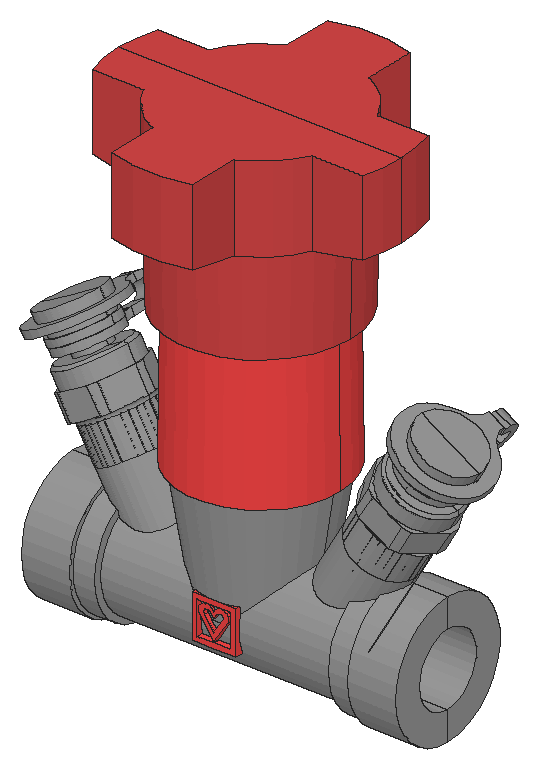
Revit family "Strangregulierventil mit Messventilen 4217 GN", category Rohrzubehör, Revit 2021
Family settings
  Bemaßung runder Anschluss = Durchmesser verwenden
  Teiletyp = Unterbricht
  OmniClass-Nummer = 23.65.55.14
  OmniClass-Titel = Valves for Liquid Services
  Arbeitsebenenbasiert = Nein
  Immer vertikal = Ja
  Beim Laden mit Abzugskörper schneiden = Nein
  Gemeinsam genutzt = Nein
Parameters
  kvs-Wert [instance] = if(Nennweite = 15.00 mm, 1.14, if(Nennweite = 20.00 mm, 2.38, if(Nennweite = 25.00 mm, 5.24, if(Nennweite = 32.00 mm, 8.6, if(Nennweite = 40.00 mm, 10.49, if(Nennweite = 50.00 mm, 16.78, 0))))))  # 1.14
  W02 = 60.00°  # constant formula
  W01 = 30.00°  # constant formula
  Vorgabe-Ansicht = 0.00 mm
  URL = "www.herz-armaturen.at"
  Spindelabdichtung = "Doppel-O-Ring aus EPDM"  # constant formula
  Spindel = "Messing CW617N"  # constant formula
  SC_NennweiteBerechnet = 0
  SC_Dimension = ""
  SCRNSEQ = "ARM;ARM_TYP=\"STRV\";2"
  SCRNCODE = "05;07;02"  # constant formula
  S02 = 60.00 mm  # constant formula
  S01 [instance] = DN15_DN50  # 92.00 mm
  R01 [instance] = size_lookup("4217_GN_", "R1", 1.00 mm, Nennweite)  # 11.35 mm
  Nennweite [instance] = 15.00 mm
  Medium = "Heizwasserqualität entsprechend ÖNORM H 5195 bzw. VDI-Richtlinie 2035.\r\nDie Verwendung von Ethylen- und Propylenglykol ist im Mischungsverhältnis 25 - 50 Vol. % zulässig."
  Max. Betriebstemperatur (bis DN32) = 130 °C  # constant formula
  Max. Betriebstemperatur (ab DN40) = 110 °C  # constant formula
  Max. Betriebsdruck = 2500000.0 Pa  # constant formula
  ML02 [instance] = size_lookup("4217_GN_", "ML2", 1.00 mm, Nennweite)  # 29.70 mm
  ML01 [instance] = size_lookup("4217_GN_", "ML1", 1.00 mm, Nennweite)  # 15.15 mm
  MD01 = 7.40 mm  # constant formula
  L02 [instance] = size_lookup("4217_GN_", "L2", 1.00 mm, Nennweite)  # 10.00 mm
  L01 [instance] = size_lookup("4217_GN_", "L1", 1.00 mm, Nennweite)  # 14.70 mm
  L00 [instance] = size_lookup("4217_GN_", "L", 1.00 mm, Nennweite)  # 78.00 mm
  Innengewinde = "gem. ISO 7/1"  # constant formula
  IG [instance] = Nennweite / 2  # 7.50 mm
  Hersteller = "HERZ Armaturen Ges.m.b.H."  # constant formula
  Handrad = "Polyamid, rot"  # constant formula
  H01 = 41.50 mm  # constant formula
  H00 [instance] = size_lookup("4217_GN_", "H", 1.00 mm, Nennweite)  # 25.40 mm
  Gewicht [instance] = if(Nennweite = 15.00 mm, "0.50 kg", if(Nennweite = 20.00 mm, "0.58 kg", if(Nennweite = 25.00 mm, "0.81 kg", if(Nennweite = 32.00 mm, "1.2 kg", if(Nennweite = 40.00 mm, "1.37 kg", if(Nennweite = 50.00 mm, "2.06 kg", "0 kg"))))))  # "0.50 kg"
  Gehäuse = "Messing CW602N"  # constant formula
  GT [instance] = size_lookup("4217_GN_", "GT", 1.00 mm, Nennweite)  # 13.20 mm
  Einbaulage = "Bedingt durch die senkrecht zur Ventilachse angeordnete, nichtsteigende Ventilspindel ist für jede Einbaulage optimale Zugängigkeit und Bedienbarkeit des Ventils gewährleistet."
  Differenzdruckmessung = "STRÖMAX-GN Strangregulierventil ist mit zwei Messventilen ausgestattet.\r\nBei Verwendung eines geeigneten Messgerätes kann der Differenzdruck gemessen und dadurch die jeweilige Durchflussmenge in Abhängigkeit der Einstellstufe ermittelt werden.\r\nAm HERZ-Messcomputer (1 8900 05) ist außerdem direkt die jeweilige Durchflussmenge ablesbar (siehe Gerätehandbuch)."
  DN50 [instance] = Nennweite = 50.00 mm  # no
  DN40 [instance] = Nennweite = 40.00 mm  # no
  DN32 [instance] = Nennweite = 32.00 mm  # no
  DN25 [instance] = Nennweite = 25.00 mm  # no
  DN20 [instance] = Nennweite = 20.00 mm  # no
  DN15_DN50 [instance] = if(Nennweite = 15.00 mm, 92.00 mm, if(Nennweite = 20.00 mm, 95.00 mm, if(Nennweite = 25.00 mm, 102.00 mm, if(Nennweite = 32.00 mm, 114.00 mm, if(Nennweite = 40.00 mm, 114.00 mm, if(Nennweite = 50.00 mm, 119.00 mm, 0.00 mm))))))  # 92.00 mm
  DN15 [instance] = Nennweite = 15.00 mm  # yes
  D05 = 16.75 mm  # constant formula
  D04 = 16.25 mm  # constant formula
  D03 [instance] = size_lookup("4217_GN_", "D3", 1.00 mm, Nennweite)  # 15.50 mm
  D02 [instance] = size_lookup("4217_GN_", "D2", 1.00 mm, Nennweite)  # 13.50 mm
  D01 [instance] = size_lookup("4217_GN_", "D1", 1.00 mm, Nennweite)  # 12.70 mm
  Bestellnummer [instance] = size_lookup("4217_GN_", "Artnr", 0, Nennweite)  # 1421771
  Ausführung = "STRÖMAX-GN Strangregulierventil mit Messventilen, 1/2′′ – 2′′, mit gleichprozentiger Kennlinie.\r\nGeradesitzform, gelbe Ausführung, Muffe x Muffe, nichtsteigende Spindel, Spindelabdichtung mit Doppel-O-Ring, Voreinstellung durch Hubbegrenzung mittels Innenspindel, Anzeige der Voreinstellstufe am Handradschaft.\r\n2 Messventile sind neben dem Handrad montiert."
  Anwendungen = "Zum hydraulischen Abgleich in Heiz- oder Kühlanlagen, Einregulieren von Verteilleitungen, Strängen, Wärmetauschern, Heiz- und Kühlregistern.\r\nSchließen Sie das Ventil im Uhrzeigersinn."
Reference planes
  plane 1 "Mitte (Vorne/hinten)": y = 0
  plane 2: z = 0
  plane 3 "Mitte (Links/rechts)": x = 0
Forms (mm)
  Revolve 1, solid, material "Messing, weicher Gelbton, geschweißt", detail levels fine
    sketch origin (0, 0, 0) x (1, 0, 0) y (0, 0, 1)
      loop
        line (-39, 13.5) -> (-39, 7.5) -> (-25.8, 7.5) -> (-25.8, 0) -> (25.8, 0) -> (25.8, 7.5) -> (39, 7.5) -> (39, 13.5) -> (29, 13.5) -> (29, 12.7) -> (24.3, 12.7) -> (24.3, 11.35) -> (-24.3, 11.35) -> (-24.3, 12.7) -> (-29, 12.7) -> (-29, 13.5) -> (-39, 13.5)
      axis (-39, 0) -> (39, 0)
    angle from 0 to 360
  Revolve 2, solid, material "Messing, weicher Gelbton, geschweißt", detail levels fine
    sketch origin (0, 0, 0) x (1, 0, 0) y (0, 0, 1)
      loop
        line (15.15, 0) -> (30, 25.721) -> (23.591, 29.421) -> (8.741, 3.7) -> (15.15, 0)
      axis (15.15, 0) -> (30, 25.721)
    angle from 0 to 360
  Revolve 3, solid, material "Messing, weicher Gelbton, geschweißt", detail levels fine
    sketch origin (0, 0, 0) x (-1, 0, 0) y (0, 0, 1)
      loop
        line (15.15, 0) -> (30, 25.721) -> (23.591, 29.421) -> (8.741, 3.7) -> (15.15, 0)
      axis (15.15, 0) -> (30, 25.721)
    angle from 0 to 360
  Revolve 4, solid, material "Messing, weicher Gelbton, geschweißt", detail levels fine
    sketch origin (0, 0, 0) x (1, 0, 0) y (0, 0, 1)
      loop
        line (0, 0) -> (0, 25.4) -> (-15.5, 25.4) -> (-11.35, 0) -> (0, 0)
      axis (0, 25.4) -> (0, 0)
    angle from 0 to 360
  Revolve 5, solid, material "Kunsstoff rot", detail levels fine
    sketch origin (0, 0, 0) x (1, 0, 0) y (0, 0, 1)
      loop
        line (0, 25.4) -> (0, 66.9) -> (-16.25, 66.9) -> (-16.75, 25.4) -> (0, 25.4)
      axis (0, 66.9) -> (0, 25.4)
    angle from 0 to 360
Lines and regions (mm)
  model lines, detail levels coarse+medium
    curve 1: line (-39, 0, 13.5) -> (-39, 0, -13.5)
    curve 2: line (-39, 0, -13.5) -> (39, 0, 13.5)
    curve 3: line (39, 0, 13.5) -> (39, 0, -13.5)
    curve 4: line (39, 0, -13.5) -> (-39, 0, 13.5)
    curve 5: line (0, 0, 0) -> (53.116, 0, 92)
    curve 6: line (27.135, 0, 107) -> (79.097, 0, 77)
    curve 7: line (-39, 13.5, 0) -> (-39, -13.5, 0)
    curve 8: line (-39, -13.5, 0) -> (39, 13.5, 0)
    curve 9: line (39, 13.5, 0) -> (39, -13.5, 0)
    curve 10: line (39, -13.5, 0) -> (-39, 13.5, 0)
    curve 11: line (0, 0, 0) -> (53.116, 92, 0)
    curve 12: line (27.135, 107, 0) -> (79.097, 77, 0)
Dimensions and locks
  "IG": Revolve 1 sketch curve to plane 2
  "GT": Revolve 1 sketch curve to Revolve 1 sketch curve  (x2)
  "IG": Revolve 1 sketch curve to Revolve 1 sketch curve
  "D01": Revolve 1 sketch curve to Revolve 1 sketch curve  (x2)
  "L02": Revolve 1 sketch curve to Revolve 1 sketch curve  (x2)
  "D02": Revolve 1 sketch curve to plane 2  (x2)
  equal spacing: Revolve 1 sketch curve, plane 3 "Mitte (Links/rechts)", Revolve 1 sketch curve
  "L00": Revolve 1 sketch curve to Revolve 1 sketch curve
  "R01": nested 1 to plane 1 "Mitte (Vorne/hinten)"
  "ML01": Revolve 2 sketch curve to plane 3 "Mitte (Links/rechts)"
  "ML02": Revolve 2 sketch curve to Revolve 2 sketch curve
  "MD01": Revolve 2 sketch curve to Revolve 2 sketch curve  (x2)
  "ML02": Revolve 3 sketch curve to Revolve 3 sketch curve
  "MD01": Revolve 3 sketch curve to Revolve 3 sketch curve  (x2)
  "ML01": plane 3 "Mitte (Links/rechts)" to Revolve 3 sketch curve
  "D02": curve 4 to plane 2 to curve 2
  "D02": curve 3 to plane 2 to curve 4
  equal spacing: curve 1, plane 3 "Mitte (Links/rechts)", curve 3
  "L00": curve 1 to curve 3
  equal spacing: Revolve 1, curve 5, Revolve 1
  "S01": curve 5 to plane 2
  equal spacing: curve 6, curve 5, curve 6
  "S02": curve 6 to curve 6
  "D02": curve 8 to plane 1 "Mitte (Vorne/hinten)" to curve 10
  "D02": curve 10 to plane 1 "Mitte (Vorne/hinten)" to curve 9
  equal spacing: curve 7, plane 3 "Mitte (Links/rechts)", curve 9
  "L00": curve 7 to curve 9
  equal spacing: curve 7, curve 11, curve 9
  "S01": plane 1 "Mitte (Vorne/hinten)" to curve 11
  equal spacing: curve 12, curve 11, curve 12
  "S02": curve 12 to curve 12
  "R01": Revolve 1 sketch curve to plane 2
  "H00": Revolve 4 sketch curve to plane 2
  "D03": Revolve 4 sketch curve to Revolve 4 sketch curve
  "R01": Revolve 4 sketch curve to Revolve 4 sketch curve
  "L01": Revolve 1 sketch curve to Revolve 1 sketch curve  (x2)
  "H01": Revolve 5 sketch curve to Revolve 5 sketch curve
  "H00": Revolve 5 sketch curve to plane 2
  "D04": Revolve 5 sketch curve to Revolve 5 sketch curve
  "D05": Revolve 5 sketch curve to Revolve 5 sketch curve
  "DN15_DN50": nested 14 to plane 2
  "W01": angle Revolve 2 sketch curve to plane 3 "Mitte (Links/rechts)"  (x2)
  "W01": angle plane 3 "Mitte (Links/rechts)" to Revolve 3 sketch curve  (x2)
  "W02": angle plane 2 to curve 5
  "W02": angle plane 1 "Mitte (Vorne/hinten)" to curve 11
  aligned and locked: level to plane 2
Automatic sketch dimensions
  Revolve 1 sketch curve to level = 0.00 mm  (x2)
  Revolve 1 sketch curve to Revolve 1 sketch curve = 1429.986 mm
  Revolve 1 sketch curve to Revolve 1 sketch curve = 1762.604 mm
  Revolve 2 sketch curve to level = 0.00 mm  (x2)
  Revolve 3 sketch curve to level = 0.00 mm  (x2)
  Revolve 4 sketch curve to level = 0.00 mm
  Revolve 4 sketch curve to plane 3 "Mitte (Links/rechts)" = 0.00 mm  (x2)
  Revolve 4 sketch curve to level = 366.045 mm
  Revolve 4 sketch curve to Revolve 4 sketch curve = 2188.915 mm
  Revolve 5 sketch curve to plane 3 "Mitte (Links/rechts)" = 0.00 mm  (x2)
  Revolve 5 sketch curve to level = 366.045 mm
  Revolve 5 sketch curve to Revolve 5 sketch curve = 2147.415 mm
Nested families
  nested 1: "Herz-Logo-vorne" at (0, -11.35, 0) x (0, 1, 0) z (0, 0, 1), type "Herz-Logo-vorne", detail levels fine
  nested 2: "Messstutzen_Band_Austritt_30Grad_(oben)" at (37.95, 0, 29.878), visible <- "DN50", type "Messstutzen_Band_Austritt_30Grad_(oben)", detail levels fine
    with Schutzkappe yes, Nennweite 0.00 mm, Gewicht 0.00 kg, Bestellnummer 0
  nested 3: "Messstutzen_Band_Eintritt_30Grad_(oben)" at (-37.95, 0, 29.878) x (-1, 0, 0) z (0, 0, 1), visible <- "DN50", type "Messstutzen_Band_Eintritt_30Grad_(oben)", detail levels fine
    with Schutzkappe yes, Nennweite 0.00 mm, Gewicht 0.00 kg, Bestellnummer 0
  nested 4: "Messstutzen_Band_Austritt_30Grad_(oben)" at (21.25, 0, 10.566), visible <- "DN15", type "Messstutzen_Band_Austritt_30Grad_(oben)", detail levels fine
    with Schutzkappe yes, Nennweite 0.00 mm, Gewicht 0.00 kg, Bestellnummer 0
  nested 5: "Messstutzen_Band_Eintritt_30Grad_(oben)" at (-21.25, 0, 10.566) x (-1, 0, 0) z (0, 0, 1), visible <- "DN15", type "Messstutzen_Band_Eintritt_30Grad_(oben)", detail levels fine
    with Schutzkappe yes, Nennweite 0.00 mm, Gewicht 0.00 kg, Bestellnummer 0
  nested 6: "Messstutzen_Band_Eintritt_30Grad_(oben)" at (-20.175, 0, 12.601) x (-1, 0, 0) z (0, 0, 1), visible <- "DN20", type "Messstutzen_Band_Eintritt_30Grad_(oben)", detail levels fine
    with Schutzkappe yes, Nennweite 0.00 mm, Gewicht 0.00 kg, Bestellnummer 0
  nested 7: "Messstutzen_Band_Austritt_30Grad_(oben)" at (20.175, 0, 12.601), visible <- "DN20", type "Messstutzen_Band_Austritt_30Grad_(oben)", detail levels fine
    with Schutzkappe yes, Nennweite 0.00 mm, Gewicht 0.00 kg, Bestellnummer 0
  nested 8: "Messstutzen_Band_Eintritt_30Grad_(oben)" at (-21.8, 0, 15.762) x (-1, 0, 0) z (0, 0, 1), visible <- "DN25", type "Messstutzen_Band_Eintritt_30Grad_(oben)", detail levels fine
    with Schutzkappe yes, Nennweite 0.00 mm, Gewicht 0.00 kg, Bestellnummer 0
  nested 9: "Messstutzen_Band_Austritt_30Grad_(oben)" at (21.8, 0, 15.762), visible <- "DN25", type "Messstutzen_Band_Austritt_30Grad_(oben)", detail levels fine
    with Schutzkappe yes, Nennweite 0.00 mm, Gewicht 0.00 kg, Bestellnummer 0
  nested 10: "Messstutzen_Band_Eintritt_30Grad_(oben)" at (-27.95, 0, 20.352) x (-1, 0, 0) z (0, 0, 1), visible <- "DN32", type "Messstutzen_Band_Eintritt_30Grad_(oben)", detail levels fine
    with Schutzkappe yes, Nennweite 0.00 mm, Gewicht 0.00 kg, Bestellnummer 0
  nested 11: "Messstutzen_Band_Austritt_30Grad_(oben)" at (27.95, 0, 20.352), visible <- "DN32", type "Messstutzen_Band_Austritt_30Grad_(oben)", detail levels fine
    with Schutzkappe yes, Nennweite 0.00 mm, Gewicht 0.00 kg, Bestellnummer 0
  nested 12: "Messstutzen_Band_Eintritt_30Grad_(oben)" at (-33.7, 0, 23.729) x (-1, 0, 0) z (0, 0, 1), visible <- "DN40", type "Messstutzen_Band_Eintritt_30Grad_(oben)", detail levels fine
    with Schutzkappe yes, Nennweite 0.00 mm, Gewicht 0.00 kg, Bestellnummer 0
  nested 13: "Messstutzen_Band_Austritt_30Grad_(oben)" at (33.7, 0, 23.729), visible <- "DN40", type "Messstutzen_Band_Austritt_30Grad_(oben)", detail levels fine
    with Schutzkappe yes, Nennweite 0.00 mm, Gewicht 0.00 kg, Bestellnummer 0
  nested 14: "Strangregulierventil-Handrad_(Rot) DN15-DN50" at (0, 0, 54.6), type "Strangregulierventil-Handrad_(Rot) DN15-DN50", detail levels fine
Connectors
  piping at (-25.8, 0, 0), diameter 15, driven by "Nennweite"
    settings: on Revolve 1, index 1, connector inside diameter 609.6 mm, connector length 0.00 mm, flow factor 0, pipe flow 0.0 L/s, pressure drop 0.0 Pa, fitting loss kfactor 0, connector angle 0.00°, fixture units 0, engagement length 0.00 mm, angle of deflection 0.00°, flow configuration 0, flow direction 1, fitting loss method 0, system type 29, joint type 0, gender type 0, connector reference index -1, connector utility 0, adjustable connector no, is connector primary yes, connector description ""
  piping at (25.8, 0, 0), diameter 15, driven by "Nennweite"
    settings: on Revolve 1, index 2, connector inside diameter 609.6 mm, connector length 0.00 mm, flow factor 0, pipe flow 0.0 L/s, pressure drop 0.0 Pa, fitting loss kfactor 0, connector angle 0.00°, fixture units 0, engagement length 0.00 mm, angle of deflection 0.00°, flow configuration 0, flow direction 2, fitting loss method 0, system type 29, joint type 0, gender type 0, connector reference index -1, connector utility 0, adjustable connector no, is connector primary no, connector description ""
Definition of nested family "Herz-Logo-vorne"
  Parameters (values of type "Herz-Logo-vorne")
    Default Elevation = 0.00 mm
  Reference planes
    plane 1 "Mitte (Vorne/hinten)": y = 0
    plane 2: z = 0
    plane 3 "Mitte (Links/rechts)": x = 0
  Forms (mm)
    Extrusion 1, solid
      sketch origin (0.732, -0.018, 0.017) x (0, -1, 0) y (0, 0, 1)
        loop
          line (-0.018, -4.517) -> (4.482, -4.517) -> (4.482, 4.483) -> (-4.518, 4.483) -> (-4.518, -4.517) -> (-0.018, -4.517)
        loop
          line (-0.05, -3.48) -> (3.482, -3.48) -> (3.482, 3.483) -> (-3.518, 3.483) -> (-3.518, -3.48) -> (-0.05, -3.48)
        loop
          arc (-0.018, 2.383) -> (-1.543, 3.287) -> (-3.067, 2.383) r 1.738
          arc (-3.067, 2.383) -> (-3.191, 1.899) -> (-3.067, 1.415) r 1.009
          line (-3.067, 1.415) -> (-0.018, -3.281) -> (3.032, 1.415)
          arc (3.032, 1.415) -> (3.156, 1.899) -> (3.032, 2.383) r 1.009
          arc (3.032, 2.383) -> (1.507, 3.287) -> (-0.018, 2.383) r 1.738
        loop
          arc (1.885, 1.272) -> (2.005, 1.675) -> (1.885, 2.079) r 0.74
          arc (1.885, 2.079) -> (1.265, 2.416) -> (0.644, 2.079) r 0.74
          line (0.644, 2.079) -> (-0.018, 0.97) -> (-0.679, 2.079)
          arc (-0.679, 2.079) -> (-1.3, 2.416) -> (-1.921, 2.079) r 0.74
          arc (-1.921, 2.079) -> (-2.04, 1.675) -> (-1.921, 1.272) r 0.74
          line (-1.921, 1.272) -> (-0.018, -1.658) -> (1.885, 1.272)
      from 0 to 1.5
  Dimensions and locks
    aligned and locked: level to plane 2
Definition of nested family "Messstutzen_Band_Austritt_30Grad_(oben)"
  Parameters (values of type "Messstutzen_Band_Austritt_30Grad_(oben)")
    Default Elevation = 0.00 mm
    URL = "www.herz-armaturen.at"
    Schutzkappe [instance] = yes
    Nennweite [instance] = 0.00 mm
    Manufacturer = "Herz Armaturen GmbH"  # constant formula
    Gewicht [instance] = 0.00 kg
    Bestellnummer [instance] = 0
  Reference planes
    plane 1 "Mitte (Vorne/hinten)": y = 0
    plane 2: z = 0
    plane 3 "Mitte (Links/rechts)": x = 0
  Forms (mm)
    Revolve 1, solid, detail levels fine
      sketch origin (0, 0, 0) x (0.866025, 0, -0.5) y (0.5, 0, 0.866025)
        loop
          line (-7.4, 9) -> (-5.55, 9) -> (-5.55, 6)
          arc (-5.55, 6) -> (-5.626, 5.617) -> (-5.843, 5.293) r 1
          line (-5.843, 5.293) -> (-6.455, 4.681) -> (-6.455, 0.9) -> (-5.555, 0) -> (-2, 0) -> (-2, 17.5) -> (-8.4, 17.5)
          arc (-8.4, 17.5) -> (-7.693, 17.207) -> (-7.4, 16.5) r 1
          line (-7.4, 16.5) -> (-7.4, 9)
        loop
          line (-3.7, 27) -> (-7.3, 27) -> (-7.9, 26.4) -> (-7.9, 23) -> (-2, 23) -> (-2, 35.8) -> (-3.805, 35.8) -> (-4.415, 35.19) -> (-4.415, 30.863) -> (-3.7, 30.45) -> (-3.7, 27)
        axis (0, 0) -> (0, 35.8)
      angle from 0 to 360
    Extrusion 2, solid, detail levels fine
      sketch origin (8.75, 0, 15.155) x (0, 1, 0) y (-0.866025, 0, 0.5)
        loop
          arc (-7.07, 5.156) -> (-7.578, 4.375) -> (-8, 3.544) r 8.75
          line (-8, 3.544) -> (-8, -3.544)
          arc (-8, -3.544) -> (-7.578, -4.375) -> (-7.07, -5.156) r 8.75
          line (-7.07, -5.156) -> (-0.93, -8.7)
          arc (-0.93, -8.7) -> (0, -8.75) -> (0.93, -8.7) r 8.75
          line (0.93, -8.7) -> (7.07, -5.156)
          arc (7.07, -5.156) -> (7.578, -4.375) -> (8, -3.544) r 8.75
          line (8, -3.544) -> (8, 3.544)
          arc (8, 3.544) -> (7.578, 4.375) -> (7.07, 5.156) r 8.75
          line (7.07, 5.156) -> (0.93, 8.7)
          arc (0.93, 8.7) -> (0, 8.75) -> (-0.93, 8.7) r 8.75
          line (-0.93, 8.7) -> (-7.07, 5.156)
      from 0 to 5.5
    Revolve 3, solid, visible <- "Schutzkappe", detail levels fine
      sketch origin (0, 0, 0) x (0.866025, 0, -0.5) y (0.5, 0, 0.866025)
        loop
          line (0, 35.878) -> (0, 36.678) -> (-7, 36.678) -> (-7, 33.378) -> (-6.1, 33.378) -> (-6.1, 31.678) -> (-6.9, 31.678) -> (-6.9, 30.178) -> (-4.415, 30.178) -> (-4.415, 35.268) -> (-3.805, 35.878) -> (0, 35.878)
        axis (0, 30.178) -> (0, 36.678)
      angle from 0 to 360
    Extrusion 4, solid, detail levels fine
      sketch origin (14.25, 0, 24.682) x (0, 1, 0) y (0.866025, 0, -0.5)
        loop
          circle (0, 0) r 3.7
        loop
          arc (5.505, -3.906) -> (7.288, -2.358) -> (9.582, -1.8) r 5
          line (9.582, -1.8) -> (9.582, 1.8)
          arc (9.582, 1.8) -> (7.288, 2.358) -> (5.505, 3.906) r 5
          arc (5.505, 3.906) -> (-6.75, 0) -> (5.505, -3.906) r 6.75
      from 0 to -1.5
    Extrusion 5, solid, detail levels fine
      sketch origin (16.589, 0, 28.733) x (0, 1, 0) y (0.866025, 0, -0.5)
        loop
          circle (0, 0) r 6.1
        loop
          arc (8.652, -4.495) -> (10.493, -2.527) -> (13.089, -1.8) r 5
          line (13.089, -1.8) -> (13.089, 1.8)
          arc (13.089, 1.8) -> (10.493, 2.527) -> (8.652, 4.495) r 5
          arc (8.652, 4.495) -> (-9.75, 0) -> (8.652, -4.495) r 9.75
      from 0 to -1.5
    Sweep 6, solid, detail levels fine
      path origin (1.029, 0.159, 0.98) x (-0.5, 0, -0.866025) y (0, 1, 0)
        loop
          line (-27.75, 9.582) -> (-27.75, 14.522)
          arc (-27.75, 14.522) -> (-30.089, 16.862) -> (-32.428, 14.522) r 2.339
          line (-32.428, 14.522) -> (-32.428, 13.089)
      profile origin (14.904, 12.211, 25.012) x (0.5, 0, 0.866025) y (0.866025, 0, -0.5)
        loop
          line (-0.75, -1.8) -> (0.75, -1.8) -> (0.75, 1.8) -> (-0.75, 1.8) -> (-0.75, -1.8)
  Dimensions and locks
    aligned and locked: level to plane 2
Definition of nested family "Messstutzen_Band_Eintritt_30Grad_(oben)"
  Parameters (values of type "Messstutzen_Band_Eintritt_30Grad_(oben)")
    Default Elevation = 0.00 mm
    URL = "www.herz-armaturen.at"
    Schutzkappe [instance] = yes
    Nennweite [instance] = 0.00 mm
    Manufacturer = "Herz Armaturen GmbH"  # constant formula
    Gewicht [instance] = 0.00 kg
    Bestellnummer [instance] = 0
  Reference planes
    plane 1 "Mitte (Vorne/hinten)": y = 0
    plane 2: z = 0
    plane 3 "Mitte (Links/rechts)": x = 0
  Forms (mm)
    Revolve 1, solid, detail levels fine
      sketch origin (0, 0, 0) x (0.866025, 0, -0.5) y (0.5, 0, 0.866025)
        loop
          line (-7.4, 9) -> (-5.55, 9) -> (-5.55, 6)
          arc (-5.55, 6) -> (-5.626, 5.617) -> (-5.843, 5.293) r 1
          line (-5.843, 5.293) -> (-6.455, 4.681) -> (-6.455, 0.9) -> (-5.555, 0) -> (-2, 0) -> (-2, 17.5) -> (-8.4, 17.5)
          arc (-8.4, 17.5) -> (-7.693, 17.207) -> (-7.4, 16.5) r 1
          line (-7.4, 16.5) -> (-7.4, 9)
        loop
          line (-3.7, 27) -> (-7.3, 27) -> (-7.9, 26.4) -> (-7.9, 23) -> (-2, 23) -> (-2, 35.8) -> (-3.805, 35.8) -> (-4.415, 35.19) -> (-4.415, 30.863) -> (-3.7, 30.45) -> (-3.7, 27)
        axis (0, 0) -> (0, 35.8)
      angle from 0 to 360
    Extrusion 2, solid, detail levels fine
      sketch origin (8.75, 0, 15.155) x (0, 1, 0) y (-0.866025, 0, 0.5)
        loop
          arc (-7.07, 5.156) -> (-7.578, 4.375) -> (-8, 3.544) r 8.75
          line (-8, 3.544) -> (-8, -3.544)
          arc (-8, -3.544) -> (-7.578, -4.375) -> (-7.07, -5.156) r 8.75
          line (-7.07, -5.156) -> (-0.93, -8.7)
          arc (-0.93, -8.7) -> (0, -8.75) -> (0.93, -8.7) r 8.75
          line (0.93, -8.7) -> (7.07, -5.156)
          arc (7.07, -5.156) -> (7.578, -4.375) -> (8, -3.544) r 8.75
          line (8, -3.544) -> (8, 3.544)
          arc (8, 3.544) -> (7.578, 4.375) -> (7.07, 5.156) r 8.75
          line (7.07, 5.156) -> (0.93, 8.7)
          arc (0.93, 8.7) -> (0, 8.75) -> (-0.93, 8.7) r 8.75
          line (-0.93, 8.7) -> (-7.07, 5.156)
      from 0 to 5.5
    Revolve 3, solid, visible <- "Schutzkappe", detail levels fine
      sketch origin (0, 0, 0) x (0.866025, 0, -0.5) y (0.5, 0, 0.866025)
        loop
          line (0, 35.878) -> (0, 36.678) -> (-7, 36.678) -> (-7, 33.378) -> (-6.1, 33.378) -> (-6.1, 31.678) -> (-6.9, 31.678) -> (-6.9, 30.178) -> (-4.415, 30.178) -> (-4.415, 35.268) -> (-3.805, 35.878) -> (0, 35.878)
        axis (0, 30.178) -> (0, 36.678)
      angle from 0 to 360
    Extrusion 4, solid, detail levels fine
      sketch origin (14.25, 0, 24.682) x (0, 1, 0) y (0.866025, 0, -0.5)
        loop
          circle (0, 0) r 3.7
        loop
          arc (5.505, -3.906) -> (7.288, -2.358) -> (9.582, -1.8) r 5
          line (9.582, -1.8) -> (9.582, 1.8)
          arc (9.582, 1.8) -> (7.288, 2.358) -> (5.505, 3.906) r 5
          arc (5.505, 3.906) -> (-6.75, 0) -> (5.505, -3.906) r 6.75
      from 0 to -1.5
    Extrusion 5, solid, detail levels fine
      sketch origin (16.589, 0, 28.733) x (0, 1, 0) y (0.866025, 0, -0.5)
        loop
          circle (0, 0) r 6.1
        loop
          arc (8.652, -4.495) -> (10.493, -2.527) -> (13.089, -1.8) r 5
          line (13.089, -1.8) -> (13.089, 1.8)
          arc (13.089, 1.8) -> (10.493, 2.527) -> (8.652, 4.495) r 5
          arc (8.652, 4.495) -> (-9.75, 0) -> (8.652, -4.495) r 9.75
      from 0 to -1.5
    Sweep 6, solid, detail levels fine
      path origin (0.933, -0.183, 1.116) x (-0.5, 0, -0.866025) y (0, 1, 0)
        loop
          line (-27.75, 9.582) -> (-27.75, 14.522)
          arc (-27.75, 14.522) -> (-30.089, 16.862) -> (-32.428, 14.522) r 2.339
          line (-32.428, 14.522) -> (-32.428, 13.089)
      profile origin (14.808, 11.869, 25.148) x (0.5, 0, 0.866025) y (0.866025, 0, -0.5)
        loop
          line (-0.75, -1.8) -> (0.75, -1.8) -> (0.75, 1.8) -> (-0.75, 1.8) -> (-0.75, -1.8)
  Dimensions and locks
    aligned and locked: level to plane 2
Definition of nested family "Strangregulierventil-Handrad_(Rot) DN15-DN50"
  Parameters (values of type "Strangregulierventil-Handrad_(Rot) DN15-DN50")
    Default Elevation = 0.00 mm
  Reference planes
    plane 1 "Mitte (Vorne/hinten)": y = 0
    plane 2: z = 0
    plane 3 "Mitte (Links/rechts)": x = 0
  Forms (mm)
    Revolve 1, solid, detail levels fine
      sketch origin (0, 0, 0) x (1, 0, 0) y (0, 0, 1)
        loop
          line (0, 0) -> (0, 37.4) -> (-29.4, 37.4) -> (-29.4, 21.6) -> (-19.25, 19.5) -> (-18.9, 0) -> (0, 0)
        axis (0, 37.4) -> (0, 0)
      angle from 0 to 360
    Extrusion 2, void
      sketch origin (0, 0, 0) x (1, 0, 0) y (0, 1, 0)
        loop
          arc (-8.5, 17.528) -> (-13.774, 13.774) -> (-17.528, 8.5) r 19.48
          line (-17.528, 8.5) -> (-28.144, 8.5)
          arc (-28.144, 8.5) -> (-29.4, 0) -> (-28.144, -8.5) r 29.4
          line (-28.144, -8.5) -> (-17.528, -8.5)
          arc (-17.528, -8.5) -> (-13.774, -13.774) -> (-8.5, -17.528) r 19.48
          line (-8.5, -17.528) -> (-8.5, -28.144)
          arc (-8.5, -28.144) -> (0, -29.4) -> (8.5, -28.144) r 29.4
          line (8.5, -28.144) -> (8.5, -17.528)
          arc (8.5, -17.528) -> (13.774, -13.774) -> (17.528, -8.5) r 19.48
          line (17.528, -8.5) -> (28.144, -8.5)
          arc (28.144, -8.5) -> (29.4, 0) -> (28.144, 8.5) r 29.4
          line (28.144, 8.5) -> (17.528, 8.5)
          arc (17.528, 8.5) -> (13.774, 13.774) -> (8.5, 17.528) r 19.48
          line (8.5, 17.528) -> (8.5, 28.144)
          arc (8.5, 28.144) -> (0, 29.4) -> (-8.5, 28.144) r 29.4
          line (-8.5, 28.144) -> (-8.5, 17.528)
        loop
          circle (0, 0) r 33
      from 17.15 to 46.765
  Cuts and joins
    Extrusion 2 cuts Revolve 1
  Dimensions and locks
    aligned and locked: level to plane 2
